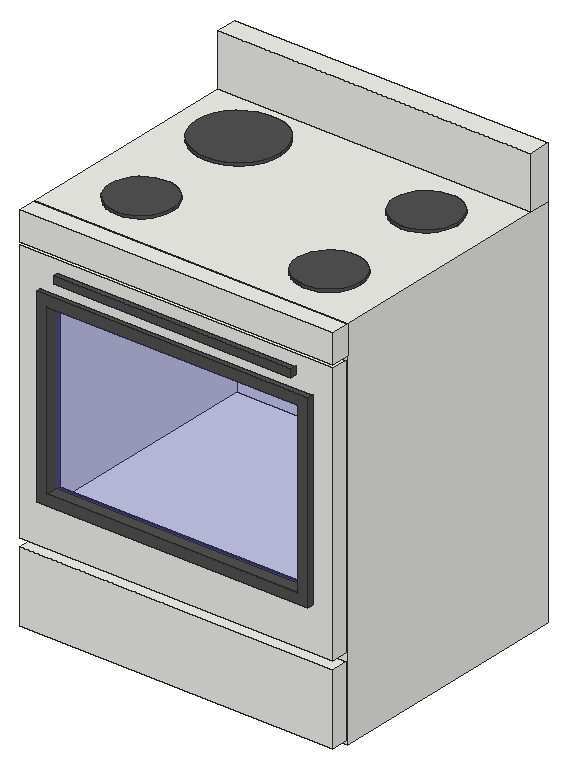
Revit family
Parameters (values of type "760 x 650mm")
  Burner Material = Metal - Chrome
  Depth = 650.00 mm
  Range Material = Metal - Painted Finish - Ivory, Matte
  Width = 760.00 mm
Types (3, lengths in mm): name | Depth | Width
  (no name) | 650.00 | 760.00
  610 x 610mm | 610.00 | 610.00
  760 x 650mm | 650.00 | 760.00
Reference planes
  plane 1: y = 0
  plane 2: z = 0
  plane 3: x = 0
  plane 4: y = 177.8
  plane 5: y = 472.2
  plane 6 "Top": z = 914.4
  plane 7: x = 607.6
  plane 8: x = 152.4
  plane 9: x = 760
  plane 10: y = 650
  plane 11: x = 380
  plane 12: z = 762
  plane 13: z = 304.8
  plane 14: x = 50.8
  plane 15: x = 709.2
  plane 16: y = 45
Forms (mm)
  Extrusion 1, solid, material "Metal - Painted Finish - Ivory, Matte" <- "Range Material"
    sketch origin (609.6, 0, 914.4) x (0, 0, -1) y (0, 1, 0)
      loop
        line (0, 650) -> (-127, 650) -> (-127, 599.2) -> (0, 599.2) -> (0, 650)
    from 150.4 to -609.6
  Extrusion 2, solid, material "Metal - Painted Finish - Ivory, Matte" <- "Range Material"
    sketch origin (0, 650, 0) x (-1, 0, 0) y (0, 0, 1)
      loop
        line (0, 914.4) -> (-760, 914.4) -> (-760, 0) -> (0, 0) -> (0, 914.4)
      loop
        line (-25.4, 889.222) -> (-734.6, 889.222) -> (-734.6, 254) -> (-25.4, 254) -> (-25.4, 889.222)
    from 0 to -605
  Extrusion 3, solid, material "Metal - Painted Finish - Ivory, Matte" <- "Range Material"
    sketch origin (0, 0, 0) x (1, 0, 0) y (0, 0, 1)
      loop
        line (0, 838.422) -> (0, 203.2) -> (760, 203.2) -> (760, 838.422) -> (0, 838.422)
      loop
        line (50.8, 762) -> (50.8, 304.8) -> (709.2, 304.8) -> (709.2, 762) -> (50.8, 762)
      loop
        line (0, 184.15) -> (0, 12.7) -> (760, 12.7) -> (760, 184.15) -> (0, 184.15)
    from 0 to -38.1
  Extrusion 4, solid, material "Metal - Painted Finish - Ivory, Matte"
    sketch origin (0, 650, 0) x (-1, 0, 0) y (0, 0, 1)
      loop
        line (-734.6, 889.222) -> (-734.6, 254) -> (-25.4, 254) -> (-25.4, 889.222) -> (-734.6, 889.222)
    from 0 to -25.4
  Extrusion 5, solid, material "Metal - Chrome" <- "Burner Material"
    sketch origin (0, 0, 914.4) x (1, 0, 0) y (0, -1, 0)
      loop
        circle (152.4, -472.2) r 101.6
      loop
        circle (607.6, -472.2) r 76.2
      loop
        circle (607.6, -177.8) r 76.2
      loop
        circle (152.4, -177.8) r 76.2
    from 0 to -6.35
  Extrusion 6, solid, material "Metal - Chrome" <- "Burner Material"
    sketch origin (0, 0, 0) x (1, 0, 0) y (0, 0, 1)
      loop
        line (50.8, 762) -> (50.8, 304.8) -> (709.2, 304.8) -> (709.2, 762) -> (50.8, 762)
      loop
        line (76.2, 736.6) -> (76.2, 330.2) -> (683.8, 330.2) -> (683.8, 736.6) -> (76.2, 736.6)
    from -25.4 to 12.7
  Extrusion 7, solid, material "Metal - Painted Finish - Ivory, Matte" <- "Range Material"
    sketch origin (0, 0, 0) x (1, 0, 0) y (0, 0, 1)
      loop
        line (0, 914.4) -> (0, 844.772) -> (760, 844.772) -> (760, 914.4) -> (0, 914.4)
    from 0 to -45
  Extrusion 8, solid, material "Glass"
    sketch origin (0, 0, 0) x (1, 0, 0) y (0, 0, 1)
      loop
        line (76.2, 736.6) -> (76.2, 330.2) -> (683.8, 330.2) -> (683.8, 736.6) -> (76.2, 736.6)
    from -12.7 to -19.05
  Extrusion 9, solid, material "Metal - Chrome" <- "Burner Material"
    sketch origin (0, 0, 0) x (1, 0, 0) y (0, 0, 1)
      loop
        line (91.687, 810.327) -> (91.687, 791.277) -> (667.925, 791.277) -> (667.925, 810.327) -> (91.687, 810.327)
    from 0 to 12.7
Lines and regions (mm)
  Masking region 1
    outline origin (0, 0, 0) x (1, 0, 0) y (0, 1, 0)
      loop
        line (0, 0) -> (760, 0) -> (760, 650) -> (0, 650) -> (0, 0)
  symbolic lines, style "SpecialityEquipment"
    curve 1: arc (254, 472.2, 0) -> (152.4, 573.8, 0) -> (50.8, 472.2, 0) r 101.6
    curve 2: arc (50.8, 472.2, 0) -> (152.4, 370.6, 0) -> (254, 472.2, 0) r 101.6
    curve 3: arc (228.6, 177.8, 0) -> (152.4, 254, 0) -> (76.2, 177.8, 0) r 76.2
    curve 4: arc (76.2, 177.8, 0) -> (152.4, 101.6, 0) -> (228.6, 177.8, 0) r 76.2
    curve 5: arc (683.8, 177.8, 0) -> (607.6, 254, 0) -> (531.4, 177.8, 0) r 76.2
    curve 6: arc (531.4, 177.8, 0) -> (607.6, 101.6, 0) -> (683.8, 177.8, 0) r 76.2
    curve 7: arc (683.8, 472.2, 0) -> (607.6, 548.4, 0) -> (531.4, 472.2, 0) r 76.2
    curve 8: arc (531.4, 472.2, 0) -> (607.6, 396, 0) -> (683.8, 472.2, 0) r 76.2
  model lines
    curve 9: line (50.8, 0, 762) -> (709.2, 0, 762)
    curve 10: line (50.8, 0, 762) -> (50.8, 0, 304.8)
    curve 11: line (50.8, 0, 304.8) -> (709.2, 0, 304.8)
    curve 12: line (709.2, 0, 762) -> (709.2, 0, 304.8)
  symbolic lines
    curve 13: line (0, 599.2, 0) -> (760, 599.2, 0)
Dimensions and locks
  "Depth": plane 10 to plane 1
  "Width": plane 9 to plane 3
  plane 8 to plane 3 = 152.40 mm
  plane 9 to plane 7 = 152.40 mm
  plane 10 to plane 5 = 177.80 mm
  plane 4 to plane 1 = 177.80 mm
  equal spacing: plane 3, plane 11, plane 9
  plane 14 to plane 3 = 50.80 mm
  plane 15 to plane 9 = 50.80 mm
  plane 12 to plane 13 = 457.20 mm
  plane 6 "Top" to plane 12 = 152.40 mm
  locked: plane 1 to plane 16 at 45
  aligned and locked: Extrusion 1 to plane 3
  aligned and locked: plane 14 to curve 9
  aligned and locked: plane 12 to curve 9
  aligned and locked: plane 13 to curve 12
  aligned and locked: plane 15 to curve 12
  aligned and locked: Extrusion 2 to Extrusion 7
  aligned and locked: plane 9 to Extrusion 1
  aligned and locked: plane 16 to Extrusion 7
Automatic sketch dimensions
  plane 3 to curve 1 = 50.80 mm
  curve 1 to plane 5 = 0.00 mm
  curve 3 to plane 4 = 0.00 mm
  curve 5 to plane 4 = 0.00 mm
  curve 7 to plane 5 = 0.00 mm
  plane 3 to curve 3 = 76.20 mm
  plane 3 to curve 3 = 228.60 mm
  plane 3 to curve 2 = 254.00 mm
  curve 6 to plane 7 = 0.00 mm
  curve 5 to curve 5 = 76.20 mm
  curve 7 to plane 7 = 76.20 mm
  curve 8 to plane 7 = 0.00 mm
  Extrusion 1 sketch curve to plane 10 = 50.80 mm
  Extrusion 1 sketch curve to plane 6 "Top" = 127.00 mm
  Extrusion 1 sketch curve to plane 6 "Top" = 0.00 mm
  Extrusion 1 sketch curve to plane 10 = 0.00 mm
  Extrusion 4 sketch curve to plane 9 = 25.40 mm
  plane 3 to Extrusion 4 sketch curve = 25.40 mm
  plane 13 to Extrusion 4 sketch curve = 50.80 mm
  plane 6 "Top" to Extrusion 4 sketch curve = 25.178 mm
  Extrusion 2 sketch curve to plane 6 "Top" = 0.00 mm
  Extrusion 2 sketch curve to plane 9 = 0.00 mm
  Extrusion 2 sketch curve to level = 0.00 mm
  Extrusion 2 sketch curve to plane 3 = 0.00 mm
  Extrusion 2 sketch curve to plane 9 = 25.40 mm
  plane 3 to Extrusion 2 sketch curve = 25.40 mm
  plane 13 to Extrusion 2 sketch curve = 50.80 mm
  plane 6 "Top" to Extrusion 2 sketch curve = 25.178 mm
  Extrusion 5 sketch curve to plane 4 = 0.00 mm  (x2)
  Extrusion 5 sketch curve to plane 5 = 0.00 mm  (x2)
  Extrusion 5 sketch curve to plane 8 = 0.00 mm  (x2)
  Extrusion 5 sketch curve to plane 7 = 0.00 mm  (x2)
  Extrusion 5 sketch curve to plane 14 = 25.40 mm
  plane 14 to Extrusion 5 sketch curve = 0.00 mm
  Extrusion 5 sketch curve to plane 7 = 76.20 mm  (x2)
  Extrusion 6 sketch curve to plane 12 = 0.00 mm
  Extrusion 6 sketch curve to plane 14 = 0.00 mm
  Extrusion 6 sketch curve to plane 13 = 0.00 mm
  Extrusion 6 sketch curve to plane 15 = 0.00 mm
  Extrusion 6 sketch curve to plane 14 = 25.40 mm
  plane 15 to Extrusion 6 sketch curve = 25.40 mm
  Extrusion 6 sketch curve to plane 13 = 25.40 mm
  plane 12 to Extrusion 6 sketch curve = 25.40 mm
  Extrusion 3 sketch curve to plane 3 = 0.00 mm  (x2)
  Extrusion 3 sketch curve to plane 12 = 0.00 mm
  Extrusion 3 sketch curve to plane 14 = 0.00 mm
  Extrusion 3 sketch curve to plane 15 = 0.00 mm
  Extrusion 3 sketch curve to plane 9 = 0.00 mm  (x2)
  Extrusion 3 sketch curve to plane 13 = 0.00 mm
  Extrusion 3 sketch curve to Extrusion 3 sketch curve = 101.60 mm
  Extrusion 3 sketch curve to Extrusion 3 sketch curve = 19.05 mm
  level to Extrusion 3 sketch curve = 12.70 mm
  plane 6 "Top" to Extrusion 3 sketch curve = 75.978 mm
  Extrusion 7 sketch curve to plane 3 = 0.00 mm
  Extrusion 7 sketch curve to plane 9 = 0.00 mm
  Extrusion 7 sketch curve to plane 6 "Top" = 0.00 mm
  plane 6 "Top" to Extrusion 7 sketch curve = 69.628 mm
  Extrusion 8 sketch curve to plane 13 = 25.40 mm
  plane 3 to Extrusion 8 sketch curve = 76.20 mm
  plane 7 to Extrusion 8 sketch curve = 76.20 mm
  plane 12 to Extrusion 8 sketch curve = 25.40 mm
  Extrusion 9 sketch curve to plane 12 = 29.277 mm
  plane 3 to Extrusion 9 sketch curve = 91.687 mm
  plane 7 to Extrusion 9 sketch curve = 60.325 mm
  Extrusion 9 sketch curve to Extrusion 9 sketch curve = 19.05 mm
  Masking region 1 sketch curve to plane 3 = 0.00 mm
  Masking region 1 sketch curve to plane 9 = 0.00 mm
  Masking region 1 sketch curve to plane 1 = 0.00 mm
  Masking region 1 sketch curve to plane 10 = 0.00 mm
  curve 13 to plane 3 = 0.00 mm
  curve 13 to plane 9 = 0.00 mm
  curve 13 to plane 10 = 50.80 mm
